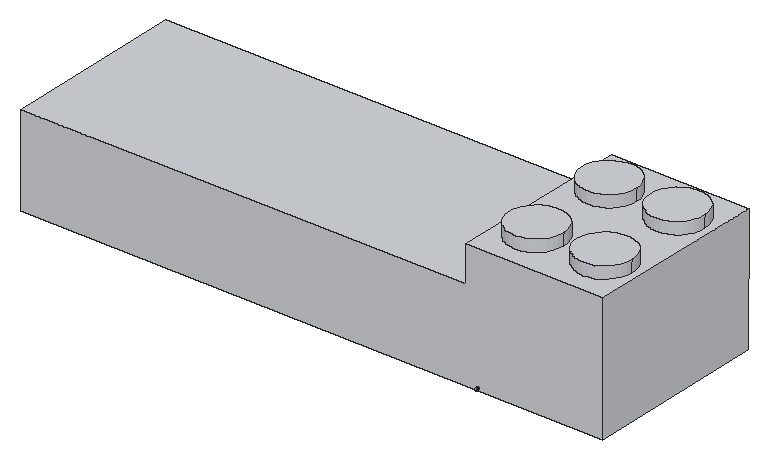
Revit family "M_Unidades AC da cobertura - A gás - 70-457 kW", category Equipamento mecânico, Revit 2019
Family settings
  Cota do conector redondo = Usar raio
  Tipo de parte = Normal
  Número OmniClass = 23.75.10.24.21.27.14
  Título OmniClass = Packaged Rooftop Air Conditioning Units
  ID de item do Seek = Rooftop AC Units - Gas Fired - 70-457 kW-0000-CAN-ENU
  Com base no plano de trabalho = Não
  Sempre na vertical = Sim
  Corte com vazios quando carregada = Não
  Compartilhado = Não
  Ponto de cálculo do ambiente = Não
Parameters (values of type "70 kW")
  Voltagem = 480 V
  Visibilidade 2 = no
  Visibilidade 1 = yes
  Largura da unidade = 2298.7 mm
  Comprimento da unidade = 7350.1 mm
  Altura da unidade = 1751 mm
  Largura de saída do ar de fornecimento = 650 mm
  Altura de saída do ar de fornecimento = 1700 mm
  Classificação de carga = Refrigeração
  Saída do aquecimento = 120159.1 W
  Raio do gás = 15 mm
  Queda de pressão do gás [instance] = 0.0 Pa
  Fluxo de gás [instance] = 0.0 L/s
  Diâmetro do gás = 2 * Raio do gás  # 30 mm
  Fluxo da drenagem [instance] = 0.0 L/s
  C3 Deslocamento 1 = 5029.2 mm
  Fluxo de ar [instance] = 4247.53 L/s
  Largura da saída do ar de retorno = 2000 mm
  Altura da saída do ar de retorno = 1050 mm
  Número de pólos = 3
  Material da unidade = none
  Altura 2 = 1150.9 mm
  Altura 1 = 1603.4 mm
  Entrada do aquecimento = 146535.5 W
  Raio do ventilador 2 = 0.05 * Largura da unidade  # 114.935 mm
  Raio do ventilador 1 = 0.15 * Largura da unidade  # 344.805 mm
  Raio da drenagem = 15 mm
  Diâmetro da drenagem = Raio da drenagem * 2  # 30 mm
  C1 Deslocamento 2 = 147.6 mm
  C1 Deslocamento 1 = 4973.6 mm
  C2 Deslocamento 2 = 147.6 mm
  C2 Deslocamento 1 = 147.6 mm
  Carga aparente = 10464 VA
  Queda de pressão do ar [instance] = 151.79 Pa
Types (12, lengths in mm): name | Visibilidade 2 | Visibilidade 1 | Largura da unidade | Comprimento da unidade | Altura da unidade | Largura de saída do ar de fornecimento | Altura de saída do ar de fornecimento | Saída do aquecimento | Raio do gás | Diâmetro do gás | C3 Deslocamento 1 | Fluxo de ar | Largura da saída do ar de retorno | Altura da saída do ar de retorno | Altura 2 | Altura 1 | Entrada do aquecimento | Raio do ventilador 2 | Raio do ventilador 1 | Raio da drenagem | Diâmetro da drenagem | C1 Deslocamento 2 | C1 Deslocamento 1 | C2 Deslocamento 2 | C2 Deslocamento 1 | Carga aparente | Queda de pressão do ar
  (no name) | no | yes | 2298.7 | 7350.1 | 1751 | 650 | 1700 | 120159.1 W | 15 | 30 | 5029.2 | 4247.53 L/s | 2000 | 1050 | 1150.9 | 1603.4 | 146535.5 W | 114.935 | 344.805 | 15 | 30 | 147.6 | 4973.6 | 147.6 | 147.6 | 10464 VA | 151.79 Pa
  70 kW | no | yes | 2298.7 | 7350.1 | 1751 | 650 | 1700 | 120159.1 W | 15 | 30 | 5029.2 | 4247.53 L/s | 2000 | 1050 | 1150.9 | 1603.4 | 146535.5 W | 114.935 | 344.805 | 15 | 30 | 147.6 | 4973.6 | 147.6 | 147.6 | 10464 VA | 151.79 Pa
  88 kW | no | yes | 2298.7 | 7350.1 | 1889.1 | 650 | 1700 | 120159.1 W | 15 | 30 | 5029.2 | 5191.42 L/s | 2000 | 1050 | 1150.9 | 1603.4 | 146535.5 W | 114.935 | 344.805 | 15 | 30 | 147.6 | 4973.6 | 147.6 | 147.6 | 15696 VA | 216.49 Pa
  105 kW | no | yes | 2298.7 | 7350.1 | 1889.1 | 650 | 1700 | 120159.1 W | 15 | 30 | 5029.2 | 6371.29 L/s | 2000 | 1050 | 1455.7 | 1743.1 | 146535.5 W | 114.935 | 344.805 | 15 | 30 | 147.6 | 4973.6 | 147.6 | 147.6 | 15696 VA | 333.45 Pa
  141 kW | no | yes | 2298.7 | 9207.5 | 2016.1 | 750 | 1700 | 204270.5 W | 15 | 30 | 5943.6 | 8495.05 L/s | 2350 | 1050 | 1760.5 | 1870.1 | 249110.4 W | 114.935 | 344.805 | 15 | 30 | 147.6 | 6053.1 | 147.6 | 147.6 | 16560 VA | 223.96 Pa
  176/193 kW | no | yes | 2298.7 | 9410.7 | 1749.4 | 750 | 1700 | 204270.5 W | 15 | 30 | 5943.6 | 10618.8 L/s | 2350 | 1050 | 2065.3 | 1603.4 | 249110.4 W | 114.935 | 344.805 | 15 | 30 | 147.6 | 6053.1 | 147.6 | 147.6 | 18288 VA | 423.03 Pa
  211 kW | no | yes | 2946.4 | 9207.5 | 2016.1 | 750 | 2350 | 204270.5 W | 16 | 32 | 5943.6 | 11326.7 L/s | 2350 | 1350 | 1760.5 | 1870.1 | 249110.4 W | 147.32 | 441.96 | 20 | 40 | 147.6 | 6053.1 | 147.6 | 147.6 | 18288 VA | 335.93 Pa
  246 kW | no | yes | 2946.4 | 9207.5 | 2016.1 | 750 | 2350 | 204270.5 W | 15 | 30 | 5943.6 | 12742.6 L/s | 2350 | 1350 | 1760.5 | 1870.1 | 249110.4 W | 147.32 | 441.96 | 20 | 40 | 147.6 | 6053.1 | 147.6 | 147.6 | 18288 VA | 525.05 Pa
  264 kW | no | yes | 2946.4 | 9207.5 | 2016.1 | 750 | 2350 | 204270.5 W | 15 | 30 | 5943.6 | 12742.6 L/s | 2350 | 1350 | 1760.5 | 1870.1 | 249110.4 W | 147.32 | 441.96 | 20 | 40 | 147.6 | 6053.1 | 147.6 | 147.6 | 18288 VA | 564.87 Pa
  316 kW | yes | no | 3648.1 | 10763.3 | 2016.1 | 1150 | 2150 | 240318.3 W | 40 | 80 | 3626.6 | 21237.6 L/s | 3000 | 1650 | 2066.9 | 1870.1 | 293071.1 W | 182.405 | 547.215 | 20 | 40 | 879.5 | 6413.5 | 76.2 | 101.6 | 20016 VA | 525.05 Pa
  369 kW | yes | no | 3648.1 | 10763.3 | 2016.1 | 1150 | 2150 | 240318.3 W | 40 | 80 | 3626.6 | 20765.7 L/s | 3000 | 1650 | 2066.9 | 1870.1 | 293071.1 W | 182.405 | 547.215 | 20 | 40 | 879.5 | 6413.5 | 76.2 | 101.6 | 21744 VA | 564.87 Pa
  404/457 kW | yes | no | 3648.1 | 10763.3 | 2016.1 | 1150 | 2150 | 240318.3 W | 40 | 80 | 3626.6 | 21709.6 L/s | 3000 | 1650 | 2066.9 | 1870.1 | 293071.1 W | 182.405 | 547.215 | 20 | 40 | 879.5 | 6413.5 | 76.2 | 101.6 | 23472 VA | 696.75 Pa
Reference planes
  plane 1 "Centro (Frente/Trás)": y = 0
  plane 2: z = 0
  plane 3 "Centro (Esquerda/Direita)": x = 0
  plane 4: y = 2298.7
  plane 5: x = -7350.1
  plane 6: z = 1751
  plane 7: x = -1726.5
  plane 8: x = -2376.5
  plane 9: x = -863.25
  plane 10: y = 1149.35
  plane 11: x = -1294.875
  plane 12: x = -431.625
  plane 13: y = 1724.025
  plane 14: y = 574.675
  plane 15: z = 1603.4
  plane 16: x = -1151
  plane 17: x = -1438.75
  plane 18: x = -575.5
  plane 19: x = -287.75
  plane 20: y = 2011.362
  plane 21: y = 1436.687
  plane 22: y = 862.012
  plane 23: y = 287.337
  plane 24: x = -7202.5
  plane 25: y = 147.6
  plane 26: x = -5202.5
  plane 27: y = 1197.6
  plane 28: y = 2151.062
  plane 29: y = 451.062
  plane 30: x = -1574.1
  plane 31: z = 25.4
  plane 32: y = 2069.306
  plane 33: x = -5029.2
  plane 34: z = 25.4
Forms (mm)
  Extrusion 1, solid, material <- "Material da unidade"
    sketch origin (0, 0, 819.15) x (-1, 0, 0) y (0, -1, 0)
      loop
        line (7350.1, -2298.7) -> (7350.1, 0) -> (1726.5, 0) -> (1726.5, -2298.7) -> (7350.1, -2298.7)
    from -819.15 to 331.75
  Extrusion 2, solid, material <- "Material da unidade"
    sketch origin (0, 0, 819.15) x (-1, 0, 0) y (0, -1, 0)
      loop
        line (1726.5, -2298.7) -> (1726.5, 0) -> (0, 0) -> (0, -2298.7) -> (1726.5, -2298.7)
    from -819.15 to 784.25
  Extrusion 3, solid, material <- "Material da unidade", visible <- "Visibilidade 1"
    sketch origin (0, 0, 819.15) x (-1, 0, 0) y (0, -1, 0)
      loop
        circle (1294.875, -1724.025) r 344.805
      loop
        circle (431.625, -1724.025) r 344.805
      loop
        circle (1294.875, -574.675) r 344.805
      loop
        circle (431.625, -574.675) r 344.805
    from 784.25 to 931.85
  Extrusion 4, solid, material <- "Material da unidade", visible <- "Visibilidade 2"
    sketch origin (0, 0, 819.15) x (-1, 0, 0) y (0, -1, 0)
      loop
        circle (1438.75, -2011.362) r 114.935
      loop
        circle (863.25, -2011.362) r 114.935
      loop
        circle (1438.75, -1436.687) r 114.935
      loop
        circle (1438.75, -574.675) r 114.935
      loop
        circle (863.25, -1436.687) r 114.935
      loop
        circle (863.25, -287.337) r 114.935
      loop
        circle (863.25, -862.012) r 114.935
      loop
        circle (287.75, -1724.025) r 114.935
      loop
        circle (287.75, -574.675) r 114.935
    from 784.25 to 931.85
  Extrusion 5, void
    sketch origin (0, 0, 819.15) x (-1, 0, 0) y (0, -1, 0)
      loop
        line (7202.5, -1197.6) -> (7202.5, -147.6) -> (5202.5, -147.6) -> (5202.5, -1197.6) -> (7202.5, -1197.6)
    from -819.15 to -657.225
  Extrusion 6, void
    sketch origin (0, 0, 819.15) x (-1, 0, 0) y (0, -1, 0)
      loop
        line (2376.5, -2151.062) -> (2376.5, -451.062) -> (1726.5, -451.062) -> (1726.5, -2151.062) -> (2376.5, -2151.062)
    from -819.15 to -657.225
  Extrusion 7, solid, material <- "Material da unidade"
    sketch origin (0, 0, 0) x (1, 0, 0) y (0, 0, 1)
      loop
        circle (-1574.1, 25.4) r 15
    from 0 to 25.4
  Extrusion 8, void
    sketch origin (0, 0, 819.15) x (-1, 0, 0) y (0, -1, 0)
      loop
        circle (5029.2, -2069.306) r 15
    from -819.15 to -793.75
Cuts and joins
  Extrusion 5, Extrusion 6, Extrusion 8 cuts Extrusion 1
  Extrusion 6, Extrusion 8 cuts Extrusion 2
  Extrusion 8 cuts Extrusion 7
  joined: Extrusion 1, Extrusion 2, Extrusion 7
Dimensions and locks
  "Largura da unidade": plane 4 to plane 1 "Centro (Frente/Trás)"
  "Comprimento da unidade": plane 5 to plane 3 "Centro (Esquerda/Direita)"
  "Altura da unidade": plane 6 to plane 2
  "C1 Deslocamento 1": plane 5 to plane 8
  "Largura de saída do ar de fornecimento": plane 8 to plane 7
  "Altura 2": Extrusion 1 to plane 2
  equal spacing: plane 7, plane 9, plane 3 "Centro (Esquerda/Direita)"
  equal spacing: plane 4, plane 10, plane 1 "Centro (Frente/Trás)"
  equal spacing: plane 7, plane 11, plane 9
  equal spacing: plane 9, plane 12, plane 3 "Centro (Esquerda/Direita)"
  equal spacing: plane 4, plane 13, plane 10
  equal spacing: plane 10, plane 14, plane 1 "Centro (Frente/Trás)"
  "Altura 1": plane 15 to plane 2
  equal spacing: plane 7, plane 17, plane 16, plane 9
  equal spacing: plane 9, plane 18, plane 19, plane 3 "Centro (Esquerda/Direita)"
  equal spacing: plane 4, plane 20, plane 13
  equal spacing: plane 13, plane 21, plane 10
  equal spacing: plane 10, plane 22, plane 14
  equal spacing: plane 1 "Centro (Frente/Trás)", plane 23, plane 14
  "C2 Deslocamento 1": plane 5 to plane 24
  "C2 Deslocamento 2": plane 1 "Centro (Frente/Trás)" to plane 25
  "Largura da saída do ar de retorno": plane 24 to plane 26
  "Altura da saída do ar de retorno": plane 25 to plane 27
  locked: cut or joined group of Extrusion 1, Extrusion 2, Extrusion 5, Extrusion 6, Extrusion 7, Extrusion 8 to plane 2 at 161.925  (x2)
  locked: plane 4 to plane 28 at 147.638
  "Altura de saída do ar de fornecimento": plane 28 to plane 29
  locked: plane 30 to plane 7 at 152.4
  locked: plane 31 to plane 2 at 25.4
  locked: Extrusion 7 to plane 1 "Centro (Frente/Trás)" at 25.4
  Extrusion 7 to Extrusion 7 = 25.4 mm
  locked: plane 32 to plane 4 at 229.394
  "C3 Deslocamento 1": plane 33 to plane 3 "Centro (Esquerda/Direita)"
  locked: plane 34 to level at 25.4
  "Raio do ventilador 1": radius of Extrusion 3 sketch curve  (x4)
  "Raio do ventilador 2": radius of Extrusion 4 sketch curve  (x9)
  "Raio da drenagem": radius of Extrusion 7 sketch curve
  "Raio do gás": radius of Extrusion 8 sketch curve
  aligned and locked: plane 5 to Extrusion 1 sketch curve
  aligned and locked: Extrusion 1 sketch curve to plane 4
  aligned and locked: plane 1 "Centro (Frente/Trás)" to Extrusion 1 sketch curve
  aligned and locked: Extrusion 1 sketch curve to plane 7
  aligned and locked: Extrusion 1 to Extrusion 2 sketch curve
  aligned and locked: Extrusion 2 sketch curve to Extrusion 1
  aligned and locked: plane 1 "Centro (Frente/Trás)" to Extrusion 2 sketch curve
  aligned and locked: Extrusion 2 sketch curve to plane 3 "Centro (Esquerda/Direita)"
  aligned and locked: Extrusion 1 to plane 2
  aligned and locked: Extrusion 2 to plane 2
  aligned and locked: plane 11 to Extrusion 3 sketch curve  (x2)
  aligned and locked: plane 13 to Extrusion 3 sketch curve  (x2)
  aligned and locked: plane 12 to Extrusion 3 sketch curve  (x2)
  aligned and locked: plane 14 to Extrusion 3 sketch curve  (x2)
  aligned and locked: plane 6 to Extrusion 3
  aligned and locked: plane 15 to Extrusion 2
  aligned and locked: Extrusion 3 to plane 15
  aligned and locked: plane 17 to Extrusion 4 sketch curve  (x3)
  aligned and locked: plane 20 to Extrusion 4 sketch curve  (x2)
  aligned and locked: plane 19 to Extrusion 4 sketch curve  (x2)
  aligned and locked: plane 14 to Extrusion 4 sketch curve  (x2)
  aligned and locked: plane 13 to Extrusion 4 sketch curve
  aligned and locked: plane 9 to Extrusion 4 sketch curve  (x4)
  aligned and locked: plane 23 to Extrusion 4 sketch curve
  aligned and locked: plane 22 to Extrusion 4 sketch curve
  aligned and locked: plane 21 to Extrusion 4 sketch curve  (x2)
  aligned and locked: plane 6 to Extrusion 4
  aligned and locked: Extrusion 4 to plane 15
  aligned and locked: plane 24 to Extrusion 5 sketch curve
  aligned and locked: plane 27 to Extrusion 5 sketch curve
  aligned and locked: plane 25 to Extrusion 5 sketch curve
  aligned and locked: Extrusion 5 sketch curve to plane 26
  aligned and locked: cut or joined group of Extrusion 1, Extrusion 2, Extrusion 5, Extrusion 6, Extrusion 7, Extrusion 8 to plane 2  (x3)
  aligned and locked: plane 8 to Extrusion 6 sketch curve
  aligned and locked: Extrusion 6 sketch curve to plane 28
  aligned and locked: plane 29 to Extrusion 6 sketch curve
  aligned and locked: Extrusion 6 sketch curve to plane 7
  aligned and locked: plane 30 to Extrusion 7 sketch curve
  aligned and locked: plane 31 to Extrusion 7 sketch curve
  aligned and locked: plane 32 to Extrusion 8 sketch curve
  aligned and locked: plane 33 to Extrusion 8 sketch curve
  aligned and locked: plane 34 to cut or joined group of Extrusion 1, Extrusion 2, Extrusion 5, Extrusion 6, Extrusion 7, Extrusion 8
Connectors
  hvac at (-2051.5, 1301.062, 0), driven by "Fluxo de ar", driven by "Altura de saída do ar de fornecimento", driven by "Largura de saída do ar de fornecimento"
    settings: on cut or joined group of Extrusion 1, Extrusion 2, Extrusion 5, Extrusion 6, Extrusion 7, Extrusion 8, index 1, duct flow 4247.53 L/s, flow factor 0, pres drop 0.0 Pa, loss coef 0, conn angle 0.00°, conn width 650 mm, conn height 1700 mm, conn diameter 609.6 mm, duct sys type 1, conn prof type 1, flow config 0, flow direction 2, loss method 0, conn ref index 2, conn util no, is conn primary yes, conn desc ""
  hvac at (-6202.5, 672.6, 0), driven by "Fluxo de ar", driven by "Altura da saída do ar de retorno", driven by "Largura da saída do ar de retorno"
    settings: on cut or joined group of Extrusion 1, Extrusion 2, Extrusion 5, Extrusion 6, Extrusion 7, Extrusion 8, index 2, duct flow 4247.53 L/s, flow factor 0, pres drop 0.0 Pa, loss coef 0, conn angle 0.00°, conn width 2000 mm, conn height 1050 mm, conn diameter 609.6 mm, duct sys type 2, conn prof type 1, flow config 0, flow direction 1, loss method 0, conn ref index 1, conn util no, is conn primary no, conn desc ""
  piping at (-5029.2, 2069.306, 0), diameter 30, driven by "Fluxo de gás", driven by "Queda de pressão do gás", driven by "Raio do gás"
    settings: on cut or joined group of Extrusion 1, Extrusion 2, Extrusion 5, Extrusion 6, Extrusion 7, Extrusion 8, index 3, connector inside diameter 30 mm, connector length 0 mm, flow factor 0, pipe flow 0.0 L/s, pressure drop 0.0 Pa, fitting loss kfactor 0, connector angle 0.00°, fixture units 0, engagement length 0 mm, angle of deflection 0.00°, flow configuration 1, flow direction 1, fitting loss method 4, system type 22, joint type 0, gender type 0, connector reference index -1, connector utility 0, adjustable connector no, is connector primary yes, connector description "Entrada de gás"
  piping at (-1574.1, -25.4, 25.4), diameter 30, driven by "Fluxo da drenagem", driven by "Raio da drenagem"
    settings: on cut or joined group of Extrusion 1, Extrusion 2, Extrusion 5, Extrusion 6, Extrusion 7, Extrusion 8, index 4, connector inside diameter 30 mm, connector length 0 mm, flow factor 0, pipe flow 0.0 L/s, pressure drop 0.0 Pa, fitting loss kfactor 0, connector angle 0.00°, fixture units 0, engagement length 0 mm, angle of deflection 0.00°, flow configuration 1, flow direction 2, fitting loss method 0, system type 16, joint type 0, gender type 0, connector reference index -1, connector utility 0, adjustable connector yes, is connector primary no, connector description "Saída da drenagem"
  electrical at (0, 1149.35, 801.7), driven by "Carga aparente", driven by "Voltagem", driven by "Número de pólos", driven by "Classificação de carga"
    settings: on cut or joined group of Extrusion 1, Extrusion 2, Extrusion 5, Extrusion 6, Extrusion 7, Extrusion 8, index 5, voltage 480 V, apparent load 10464 VA, apparent load phase1 0 VA, apparent load phase2 0 VA, apparent load phase3 0 VA, power factor 0.8, load classification "Refrigeração", number of poles 3, system type 30, power factor state 1, is connector primary yes, connector utility no, sub classification motor no, connector description ""
